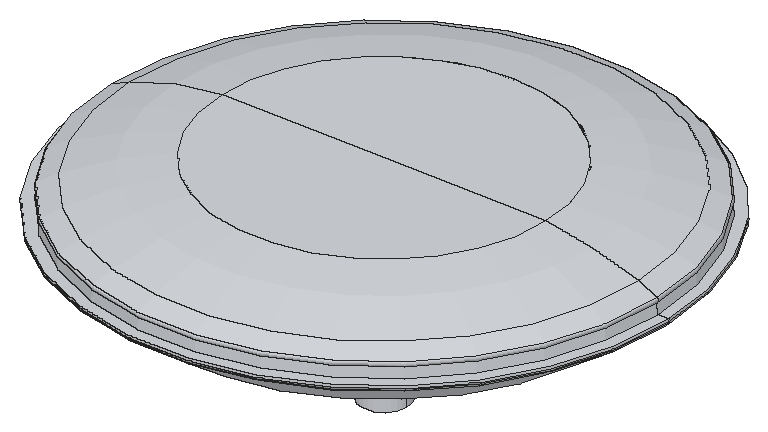
Revit family "Lighting-UrbanSystem-GEWISS-URBAN[O3]-LED-SIDE_COUPLING_OPTIC_STREET", category Apparecchi per illuminazione, host Superficie, Revit 2019
Family settings
  Host = Superficie
  Quota connettore circolare = Usa diametro
  Tipo di parte = Normale
  Numero OmniClass = 23.80.70.00
  Titolo OmniClass = Lighting
  Taglio con vuoti quando caricato = No
  Sorgente d'illuminazione = No
  Condiviso = No
  Punto di calcolo locali = Sì
Parameters (values of type "GW87628 - URBAN LED 4M 4000K BI.STR.SIDE B.GRA.GR.")
  Working temperature = "-25 +35 °C"
  Weight (kg): = "11"
  Weight (kg) = "11"
  Warranty = "5 years"
  Voltage: = "220/240 V - 50/60 Hz"
  Voltage = "220/240 V - 50/60 Hz - Bi-power with self-learning"
  Visibility_label [instance] = yes
  Vetro = GEWISS - VETRO
  Version file RFA = "20.11"
  Urbano 2D [instance] = yes
  URL = "https://www.gewiss.com/ww/en"
  Typology = ""
  Type of light source = "LED"
  Type of lamp: = "LED"
  Type = ""
  Technical sheet = "https://www.gewiss.com/ww/en/search?q=GW87628"
  System power = "105W"
  Suitable for: = "Commercial side brackets with side connection"
  Suitable for = "Commercial side brackets with side connection"
  Spostamento_y_etichetta [instance] = 0 mm
  Spostamento_y_effettivo_etichetta [instance] = 1500 mm - Spostamento_y_etichetta  # 1500 mm
  Spostamento_x_etichetta [instance] = 0 mm
  Spostamento_x_effettivo_etichetta [instance] = 1500 mm - Spostamento_x_etichetta  # 1500 mm
  Simbolo in pianta [instance] = not(Urbano 2D)  # no
  Shock resistance = "IK08 BODY - IK06 LENS"
  SEO = "Street lighting"
  Risk photobiological = "RG1/RG2 @ 20cm"
  Realized by GEWISS S.p.A. = ""
  Default Elevation = 1219.2 mm
  Produttore = "GEWISS S.p.A."
  Power supply operation = "Bi power"
  Pilot current = "530mA"
  Photobiologic Risk = "RG1/RG2 @ 20cm"
  Optic = "Street - ULOR: 0%"
  Operating temperature: = "-25 +35 °C"
  Number of modules = "4 (4x16 LED)"
  Nominal flux (lm) = "13400"
  No. Chorus modules = "4 (4x16 LED)"
  Modello = "GW87628"
  Minimum distance from the illuminated object = "1M"
  Maximum surface exposed to the wind = "0,25M2"
  Lumen output (lm) = "11240"
  LED current = "530mA"
  LED LifeTime (L80B20) = "50000H"
  LED Life time (L90B20) = "50000H"
  LED Life time (L80B10) = "100000H"
  Insulation class = "II"
  Immagine tipo = GW87601.jpg
  IP degree = "IP66"
  IFC.TypeObject = ""
  IFC.ExportType = ""
  IFC.ExportAs = ""
  IDT = "85d5c301-9efa-429f-8169-5776374b703b"
  IDF = "77868679-f757-4753-85ef-7763ddad7a87"
  Finitura = GEWISS - GRIGIO GRAFITE
  Electrocod = "244C"
  EAN code = "8011564786233"
  Driver type = "Constant Current Driver Led"
  Descrizione = "URBAN LED 4M 4000K BI.STR.SIDE B.GRA.GR."
  Colour temperature: = "4000 K (CRI 70)"
  Colour temperature = "4000 K (CRI 70)"
  Colour = "Graphite grey"
  Catalogue Range = "URBAN [O3]"
  Catalogue = "LIGHTING"
  COBie.Tagnumber = ""
  COBie.CreatedOn = ""
  COBie.CreatebBy = ""
  COBie.ComponentRegisterItemID = ""
  COBie.Component.TagNumber = ""
  COBie.Component.Space = ""
  COBie.Component.SerialNumber = ""
  COBie.Component.InstallationDate = ""
  COBie.Component.Description = ""
  COBie.Component.BarCode = ""
  Application = "External"
Types (5, lengths in mm): name | Weight (kg): | Weight (kg) | Voltage | Typology | Type | Technical sheet | System power | Power supply operation | Number of modules | Nominal flux (lm) | No. Chorus modules | Modello | Lumen output (lm) | IDT | EAN code | Descrizione
  (no name) | "11" | "11" | "220/240 V - 50/60 Hz - Bi-power with self-learning" | "Stand alone" | "Stand alone" | "https://www.gewiss.com/ww/en/search?q=GW87628" | "105W" | "Bi power" | "4 (4x16 LED)" | "13400" | "4 (4x16 LED)" | "GW87628" | "11240" | "85d5c301-9efa-429f-8169-5776374b703b" | "8011564786233" | "URBAN LED 4M 4000K BI.STR.SIDE B.GRA.GR."
  GW87607 - URBAN LED 3M 4000K STR. SIDE B. GRA.GR. | "10,3" | "10,3" | "220/240 V - 50/60 Hz - Stand alone and/or possibility of dimmer 1-10 V" | "Stand alone" | "Stand alone" | "https://www.gewiss.com/ww/en/search?q=GW87607" | "81W" | "" | "3 (3x16 LED)" | "10230" | "3 (3x16 LED)" | "GW87607" | "8590" | "9533e863-66c0-4a3a-ab66-1330ae61d2b9" | "8011564786158" | "URBAN LED 3M 4000K STR. SIDE B. GRA.GR."
  GW87608 - URBAN LED 4M 4000K STR. SIDE B. GRA.GR. | "11" | "11" | "220/240 V - 50/60 Hz - Stand alone and/or possibility of dimmer 1-10 V" | "Stand alone" | "Stand alone" | "https://www.gewiss.com/ww/en/search?q=GW87608" | "105W" | "" | "4 (4x16 LED)" | "13400" | "4 (4x16 LED)" | "GW87608" | "11240" | "e1c5aab2-68ca-4525-a8b2-d185d8468581" | "8011564786165" | "URBAN LED 4M 4000K STR. SIDE B. GRA.GR."
  GW87627 - URBAN LED 3M 4000K BI.STR.SIDE B.GRA.GR. | "10,3" | "10,3" | "220/240 V - 50/60 Hz - Bi-power with self-learning" | "" | "" | "https://www.gewiss.com/ww/en/search?q=GW87627" | "81W" | "Bi power" | "3 (3x16 LED)" | "10230" | "3 (3x16 LED)" | "GW87627" | "8590" | "bfad7b08-59a5-45f9-8f55-5a66d02e221f" | "8011564786226" | "URBAN LED 3M 4000K BI.STR.SIDE B.GRA.GR."
  GW87628 - URBAN LED 4M 4000K BI.STR.SIDE B.GRA.GR. | "11" | "11" | "220/240 V - 50/60 Hz - Bi-power with self-learning" | "" | "" | "https://www.gewiss.com/ww/en/search?q=GW87628" | "105W" | "Bi power" | "4 (4x16 LED)" | "13400" | "4 (4x16 LED)" | "GW87628" | "11240" | "85d5c301-9efa-429f-8169-5776374b703b" | "8011564786233" | "URBAN LED 4M 4000K BI.STR.SIDE B.GRA.GR."
Reference planes
  plane 1 "Centro (Fronte/Retro)": y = 0
  plane 2: z = 0
  plane 3 "Centro (Sinistra/Destra)": x = 0
  plane 4: x = -1500
  plane 5: y = -1500
  plane 6: x = 0
  plane 7: y = 0
Lines and regions (mm)
  Masking region 1, visible <- "Urbano 2D"
    outline origin (0, 0, 0) x (1, 0, 0) y (0, 1, 0)
      loop
        circle (0, 0) r 285
  symbolic lines, visible <- "Urbano 2D"
    curve 1: circle (0.023, 0, 0) r 185 normal (0, 0, 1)
Dimensions and locks
  plane 4 to plane 3 "Centro (Sinistra/Destra)" = 1500 mm
  "Spostamento_x_effettivo_etichetta": plane 4 to plane 6
  plane 1 "Centro (Fronte/Retro)" to plane 5 = 1500 mm
  "Spostamento_y_effettivo_etichetta": plane 7 to plane 5
  aligned and locked: plane 2 to host face
  aligned and locked: level to host face
  aligned and locked: plane 3 "Centro (Sinistra/Destra)" to nested 1
  aligned and locked: plane 3 "Centro (Sinistra/Destra)" to nested 2
  aligned and locked: plane 1 "Centro (Fronte/Retro)" to nested 2
  aligned and locked: nested 2 to host face
  aligned and locked: plane 6 to nested 3
  aligned and locked: nested 3 to plane 7
Automatic sketch dimensions
  host sketch curve to host sketch curve = 2438.4 mm  (x2)
  plane 1 "Centro (Fronte/Retro)" to Masking region 1 sketch curve = 0 mm
  Masking region 1 sketch curve to plane 3 "Centro (Sinistra/Destra)" = 0 mm
  plane 1 "Centro (Fronte/Retro)" to curve 1 = 0 mm
  plane 3 "Centro (Sinistra/Destra)" to curve 1 = 0.023 mm
  radius of Masking region 1 sketch curve = 285 mm
  radius of curve 1 = 185 mm
Nested families
  nested 1: "URBANO_annotazione" at (0, 0, 0), visible <- "Simbolo in pianta", type "URBANO_annotazione"
  nested 2: "Generico - URBAN[O3] ILLUM URBANA LED INNESTO LAT OTTICA STRAD" at (0, 0, 215.679) x (1, 0, 0) z (0, 0, -1), type "Generico - URBAN[O3] ILLUM URBANA LED INNESTO LAT OTTICA STRAD"
  nested 3: "ETICHETTA LIGHT" at (0, 0, 0), visible <- "Visibility_label", type "ETICHETTA LIGHT"
Definition of nested family "Generico - URBAN[O3] ILLUM URBANA LED INNESTO LAT OTTICA STRAD"
  Parameters (values of type "Generico - URBAN[O3] ILLUM URBANA LED INNESTO LAT OTTICA STRAD")
    Default Elevation = 1219.2 mm
  Reference planes
    plane 1 "Centro (Fronte/Retro)": y = 0
    plane 2: z = 0
    plane 3 "Centro (Sinistra/Destra)": x = 0
    plane 4: z = 33.903
    plane 5: z = 44.56
    plane 6: z = 150.179
    plane 7: z = 175.679
    plane 8: z = 195.679
    plane 9: z = 215.679
    plane 10: x = -22.868
    plane 11: x = -28.868
    plane 12: x = -32.868
  Forms (mm)
    Revolve 1, solid
      sketch origin (0, 0, 0) x (1, 0, 0) y (0, 0, 1)
        loop
          line (0, 145.179) -> (-39.848, 145.179) -> (-43.403, 143.885)
          arc (-43.403, 143.885) -> (-170.03, 116.692) -> (-281.867, 51.376) r 410.213
          arc (-281.867, 51.376) -> (-283.095, 50.238) -> (-284.305, 49.08) r 104.477
          arc (-284.305, 49.08) -> (-284.915, 48.205) -> (-285.157, 47.166) r 2.821
          line (-285.157, 47.166) -> (-285.157, 44.56) -> (0, 44.56) -> (0, 145.179)
        axis (0, 145.179) -> (0, 44.56)
      angle from 0 to 360
    Revolve 2, solid
      sketch origin (0, 0, 0) x (1, 0, 0) y (0, 0, 1)
        loop
          line (0, 44.56) -> (-273.995, 44.56) -> (-273.274, 33.903)
          arc (-273.274, 33.903) -> (-274.138, 31.863) -> (-273.281, 29.819) r 2.854
          arc (-273.281, 29.819) -> (-264.038, 25.43) -> (-254.645, 21.373) r 286.239
          arc (-254.645, 21.373) -> (-209.229, 6.908) -> (-162.069, 0) r 292.91
          line (-162.069, 0) -> (0, 0) -> (0, 44.56)
        axis (0, 44.56) -> (0, 0)
      angle from 0 to 360
    Revolve 3, solid
      sketch origin (0, 0, 0) x (1, 0, 0) y (0, 0, 1)
        loop
          line (-28.868, 195.679) -> (-28.868, 175.679) -> (-32.868, 175.679) -> (-32.868, 150.179) -> (0, 150.179) -> (0, 215.679) -> (-22.868, 215.679) -> (-22.868, 195.679) -> (-28.868, 195.679)
        axis (0, 215.679) -> (0, 150.179)
      angle from 0 to 360
  Lines and regions (mm)
    model lines
      curve 1: line (0, 0, 149.579) -> (0, 0, 134.579)
  Dimensions and locks
    locked: plane 5 to plane 4 at 10.656
    plane 4 to plane 2 = 33.903 mm
    locked: plane 7 to plane 6 at 25.5
    locked: plane 8 to plane 7 at 20
    locked: plane 9 to plane 8 at 20
    locked: plane 3 "Centro (Sinistra/Destra)" to plane 10 at 22.868
    locked: plane 11 to plane 10 at 6
    locked: plane 12 to plane 11 at 4
    aligned and locked: level to plane 2
    aligned and locked: Revolve 1 sketch curve to plane 5
    aligned and locked: Revolve 1 sketch curve to plane 3 "Centro (Sinistra/Destra)"
    aligned and locked: Revolve 2 sketch curve to plane 5
    aligned and locked: Revolve 2 sketch curve to level
    aligned and locked: Revolve 2 sketch curve to plane 3 "Centro (Sinistra/Destra)"
    aligned and locked: Revolve 3 sketch curve to plane 8
    aligned and locked: Revolve 3 sketch curve to plane 7
    aligned and locked: Revolve 3 sketch curve to plane 6
    aligned and locked: Revolve 3 sketch curve to plane 3 "Centro (Sinistra/Destra)"
    aligned and locked: Revolve 3 sketch curve to plane 10
    aligned and locked: Revolve 3 sketch curve to plane 11
    aligned and locked: Revolve 3 sketch curve to plane 12
    aligned and locked: Revolve 3 sketch curve to plane 9
Definition of nested family "URBANO_annotazione"
  Reference planes
    plane 1: y = 0
    plane 2: x = 0
  Lines and regions (mm)
    detail lines
      curve 1: circle (0.023, 0.036, 0) r 2.492 normal (0, 0, 1)
      curve 2: line (-1.739, 1.798, 0) -> (1.785, -1.726, 0)
      curve 3: line (-1.739, -1.726, 0) -> (1.785, 1.798, 0)
Definition of nested family "ETICHETTA LIGHT"
  Parameters (values of type "ETICHETTA LIGHT")
    COMMENTI = "32W"
  Reference planes
    plane 1: y = 0
    plane 2: x = 0
  Text (mm)
    label "COMMENTI" at (-0.057, 0.105, 0), shows "COMMENTI"
